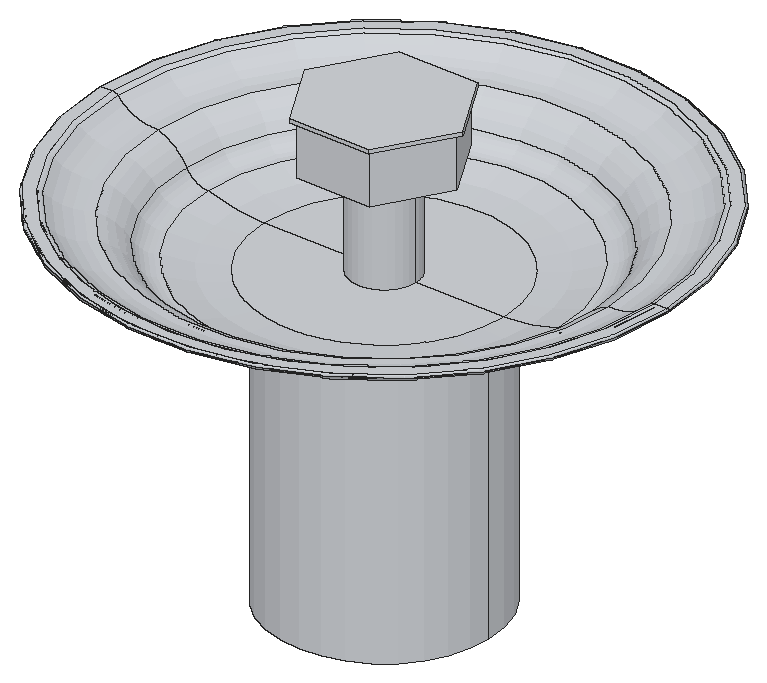
Revit family "Washfountain-Willoughby-5406-WWF", category Plumbing Fixtures, host Face, Revit 2014
Parameters (values of type "Standard")
  Waste DIA = 2"
  Waste Connection = yes
  Vent Connection = no
  URL = "www.willoughby-ind.com"
  Revision = "A"
  Model = "WWF-5406"
  Manufacturer = "Willoughby Industries"
  HW Connection = yes
  HCW DIA = 1/2"
  Fixture Body = Stainless Steel AISI 304-Willoughby
  Description = "Six Station Washfountain"
  Default Elevation = 0' - 0"
  Contact = "800-428-4065"
  CW Connection = yes
Reference planes (in)
  plane 1 "Center (Front/Back)": y = 0
  plane 2: z = 0
  plane 3 "Center (Left/Right)": x = 0
  plane 4: x = -27
  plane 5: x = 27
  plane 6 "Top Pf Sink": z = 34
  plane 7 "Bottom Of Sink": z = 27.5
  plane 8: x = 10
  plane 9: x = -10
  plane 10 "Bottom Of Faucet Head": z = 37.0625
  plane 11 "Faucet Head HGT": z = 41.875
  plane 12 "Top Of Cap": z = 42.25
Forms (in)
  Revolve 1, solid
    sketch origin (0, 0, -20) x (1, 0, 0) y (0, 0, 1)
      loop
        line (-27, 53.83658) -> (-27, 53.7862)
        arc (-27, 53.7862) -> (-26.95279, 53.67221) -> (-26.8388, 53.625) r 0.1612
        line (-26.8388, 53.625) -> (-25.625, 53.625)
        arc (-25.625, 53.625) -> (-23.73121, 52.27152) -> (-21.4375, 51.875) r 5.22415
        arc (-21.4375, 51.875) -> (-20.07609, 51.04401) -> (-19.0625, 49.8125) r 4.79567
        arc (-19.0625, 49.8125) -> (-18.07558, 48.76236) -> (-16.6875, 48.375) r 2.68071
        arc (-16.6875, 48.375) -> (-14.06704, 47.72021) -> (-11.375, 47.5) r 16.56473
        line (-11.375, 47.5) -> (0, 47.5) -> (0, 47.875) -> (-11.375, 47.875)
        arc (-11.375, 47.875) -> (-14.03757, 48.09545) -> (-16.62764, 48.75078) r 16.18973
        arc (-16.62764, 48.75078) -> (-17.85869, 49.06961) -> (-18.73348, 49.99258) r 2.30571
        arc (-18.73348, 49.99258) -> (-19.85977, 51.35263) -> (-21.37804, 52.25438) r 5.17067
        arc (-21.37804, 52.25438) -> (-23.50505, 52.5843) -> (-25.27973, 53.80231) r 4.84915
        arc (-25.27973, 53.80231) -> (-25.48482, 53.94841) -> (-25.73129, 54) r 0.61458
        line (-25.73129, 54) -> (-26.83658, 54)
        arc (-26.83658, 54) -> (-26.95213, 53.95213) -> (-27, 53.83658) r 0.16342
      axis (0, 54) -> (0, 47.5)
    angle from 0 to 360
  Revolve 2, solid
    sketch origin (0, 0, 0) x (1, 0, 0) y (0, 0, 1)
      loop
        line (0, 27.5) -> (-10, 27.5) -> (-10, 0) -> (0, 0) -> (0, 27.5)
      axis (0, 27.5) -> (0, 0)
    angle from 0 to 360
  Revolve 3, solid
    sketch origin (0, 0, 0) x (1, 0, 0) y (0, 0, 1)
      loop
        line (0, 34) -> (0, 37.0625) -> (-3, 37.0625) -> (-3, 27.5) -> (0, 27.5) -> (0, 34)
      axis (0, 37.0625) -> (0, 27.5)
    angle from 0 to 360
  Extrusion 4, solid
    sketch origin (0, 0, 42.25) x (1, 0, 0) y (0, 1, 0)
      loop
        line (-3.753, 6.5) -> (-7.506, -0.00039) -> (-3.753, -6.5) -> (3.753, -6.5) -> (7.506, -0.00039) -> (3.753, 6.5) -> (-3.753, 6.5)
    from 0 to -0.375
  Extrusion 5, solid
    sketch origin (0, 0, 37.0625) x (1, 0, 0) y (0, 1, 0)
      loop
        line (-3.46432, 6) -> (-6.92865, -0.00039) -> (-3.46477, -6) -> (3.46477, -6) -> (6.92865, -0.00039) -> (3.46432, 6) -> (-3.46432, 6)
    from 0 to 4.8125
  Extrusion 6, solid, detail levels medium+fine
    sketch origin (0, 0, 0) x (1, 0, 0) y (0, 1, 0)
      loop
        circle (4, -2) r 1
    from 3 to 6
  Extrusion 7, solid, detail levels medium+fine
    sketch origin (0, 0, 0) x (1, 0, 0) y (0, 1, 0)
      loop
        circle (-2, -2) r 0.25
    from 3 to 6
  Extrusion 8, solid, detail levels medium+fine
    sketch origin (0, 0, 0) x (1, 0, 0) y (0, 1, 0)
      loop
        circle (-2, -6) r 0.25
    from 3 to 6
Lines and regions (in)
  symbolic lines
    curve 1: line (6.92865, 0, 41.875) -> (-6.92865, 0, 41.875)
    curve 2: line (-6.92865, 0, 41.875) -> (-6.92865, 0, 37.0625)
    curve 3: line (-6.92865, 0, 37.0625) -> (6.92865, 0, 37.0625)
    curve 4: line (6.92865, 0, 37.0625) -> (6.92865, 0, 41.875)
    curve 5: line (6.92865, 0, 41.875) -> (7.506, 0, 41.875)
    curve 6: line (7.506, 0, 41.875) -> (7.506, 0, 42.25)
    curve 7: line (7.506, 0, 42.25) -> (-7.506, 0, 42.25)
    curve 8: line (-7.506, 0, 42.25) -> (-7.506, 0, 41.875)
    curve 9: line (-7.506, 0, 41.875) -> (-6.92865, 0, 41.875)
    curve 10: line (-3, 0, 37.0625) -> (-3, 0, 34)
    curve 11: line (3, 0, 37.0625) -> (3, 0, 34)
    curve 12: line (26.87149, 0, 34) -> (-26.83229, 0, 34)
    curve 13: line (-26.83229, 0, 33.61752) -> (26.87149, 0, 33.61752)
    curve 14: arc (26.87149, 0, 33.61752) -> (27.00384, 0, 33.80876) -> (26.87149, 0, 34) r 0.20434
    curve 15: arc (-26.83229, 0, 34) -> (-27.02353, 0, 33.80876) -> (-26.83229, 0, 33.61752) r 0.19124
    curve 16: arc (-25.59331, 0, 33.61752) -> (-23.7164, 0, 32.26691) -> (-21.4375, 0, 31.875) r 5.14341
    curve 17: arc (-21.4375, 0, 31.875) -> (-20.06597, 0, 31.05566) -> (-19.0625, 0, 29.8125) r 4.547
    curve 18: arc (-19.0625, 0, 29.8125) -> (-18.06774, 0, 28.7753) -> (-16.6875, 0, 28.375) r 2.77422
    curve 19: arc (-16.6875, 0, 28.375) -> (-13.38121, 0, 27.65121) -> (-10, 0, 27.5) r 19.83774
    curve 20: line (-10, 0, 27.5) -> (10, 0, 27.5)
    curve 21: arc (10, 0, 27.5) -> (13.38558, 0, 27.6178) -> (16.6875, 0, 28.375) r 17.7964
    curve 22: arc (16.6875, 0, 28.375) -> (18.08141, 0, 28.75272) -> (19.0625, 0, 29.8125) r 2.61603
    curve 23: arc (19.0625, 0, 29.8125) -> (20.07709, 0, 31.04286) -> (21.4375, 0, 31.875) r 4.82202
    curve 24: arc (21.4375, 0, 31.875) -> (23.7314, 0, 32.26527) -> (25.625, 0, 33.61752) r 5.19634
    curve 25: line (-10, 0, 27.5) -> (-10, 0, 0)
    curve 26: line (-10, 0, 0) -> (10, 0, 0)
    curve 27: line (10, 0, 0) -> (10, 0, 27.5)
    curve 28: line (0, 6, 41.875) -> (0, -6, 41.875)
    curve 29: line (0, -6, 41.875) -> (0, -6, 37.0625)
    curve 30: line (0, -6, 37.0625) -> (0, 6, 37.0625)
    curve 31: line (0, 6, 37.0625) -> (0, 6, 41.875)
    curve 32: line (0, 6, 41.875) -> (0, 6.5, 41.875)
    curve 33: line (0, 6.5, 41.875) -> (0, 6.5, 42.25)
    curve 34: line (0, 6.5, 42.25) -> (0, -6.5, 42.25)
    curve 35: line (0, -6.5, 42.25) -> (0, -6.5, 41.875)
    curve 36: line (0, -6.5, 41.875) -> (0, -6, 41.875)
    curve 37: line (0, 0, 41.875) -> (0, 0, 37.0625)
    curve 38: line (0, -3, 37.0625) -> (0, -3, 34)
    curve 39: line (0, 3, 37.0625) -> (0, 3, 34)
    curve 40: line (0, -26.83395, 34) -> (0, 26.91605, 34)
    curve 41: line (0, 26.91605, 33.62562) -> (0, -26.83395, 33.62562)
    curve 42: arc (0, -26.83395, 33.62562) -> (0, -27.02114, 33.81281) -> (0, -26.83395, 34) r 0.18719
    curve 43: arc (0, -25.58395, 33.62562) -> (0, -23.71865, 32.25782) -> (0, -21.4375, 31.875) r 5.00412
    curve 44: arc (0, -21.4375, 31.875) -> (0, -20.07204, 31.04868) -> (0, -19.0625, 29.8125) r 4.69264
    curve 45: arc (0, -19.0625, 29.8125) -> (0, -18.06335, 28.78256) -> (0, -16.6875, 28.375) r 2.83032
    curve 46: arc (0, -16.6875, 28.375) -> (0, -13.38434, 27.62729) -> (0, -10, 27.5) r 18.33134
    curve 47: line (0, -10, 27.5) -> (0, 10, 27.5)
    curve 48: arc (0, 10, 27.5) -> (0, 13.3855, 27.61838) -> (0, 16.6875, 28.375) r 17.82836
    curve 49: arc (0, 16.6875, 28.375) -> (0, 18.06981, 28.77189) -> (0, 19.0625, 29.8125) r 2.74878
    curve 50: arc (0, 19.0625, 29.8125) -> (0, 20.06312, 31.05895) -> (0, 21.4375, 31.875) r 4.48194
    curve 51: arc (0, 21.4375, 31.875) -> (0, 23.7357, 32.26457) -> (0, 25.62805, 33.62562) r 5.16077
    curve 52: line (0, 10, 27.5) -> (0, 10, 0)
    curve 53: line (0, 10, 0) -> (0, -10, 0)
    curve 54: line (0, -10, 0) -> (0, -10, 27.5)
    curve 55: circle (0, 0, 0) r 27 normal (0, 0, 1)
    curve 62: line (-3.753, -6.5, 0) -> (-7.506, -0.00039, 0)
  symbolic lines, detail levels fine
    curve 56: circle (0, 0, 0) r 21.4375 normal (0, 0, 1)
    curve 57: circle (0, 0, 0) r 16.6875 normal (0, 0, 1)
  symbolic lines, detail levels medium+fine
    curve 58: line (-3.753, 6.5, 0) -> (3.753, 6.5, 0)
    curve 59: line (3.753, 6.5, 0) -> (7.506, -0.00039, 0)
    curve 60: line (7.506, -0.00039, 0) -> (3.753, -6.5, 0)
    curve 61: line (3.753, -6.5, 0) -> (-3.753, -6.5, 0)
    curve 63: line (-7.506, -0.00039, 0) -> (-3.753, 6.5, 0)
Dimensions and locks (in)
  equal spacing: plane 4, plane 3 "Center (Left/Right)", plane 5
  equal spacing: plane 8, plane 3 "Center (Left/Right)", plane 9, locked at 10 each
  aligned and locked: plane 2 to host face
  aligned and locked: level to host face
  aligned and locked: Revolve 2 sketch curve to Revolve 2 sketch curve  (x2)
  aligned and locked: Revolve 3 sketch curve to Revolve 3 sketch curve  (x2)
  aligned and locked: Extrusion 4 to plane 11 "Faucet Head HGT"
  aligned and locked: plane 12 "Top Of Cap" to Extrusion 4
  aligned and locked: plane 11 "Faucet Head HGT" to Extrusion 5
Automatic sketch dimensions
  host sketch curve to host sketch curve = 8' - 0"  (x2)
  Revolve 2 sketch curve to plane 9 = 0' - 0"
  Revolve 2 sketch curve to plane 3 "Center (Left/Right)" = 0' - 0"
  Revolve 2 sketch curve to level = 0' - 0"  (x2)
  Revolve 2 sketch curve to plane 7 "Bottom Of Sink" = 0' - 0"
  Revolve 3 sketch curve to plane 7 "Bottom Of Sink" = 0' - 0"  (x2)
  Revolve 3 sketch curve to plane 3 "Center (Left/Right)" = 0' - 0"
  Revolve 3 sketch curve to plane 6 "Top Pf Sink" = 0' - 0"
  Revolve 3 sketch curve to Revolve 3 sketch curve = 0' - 3"
  plane 6 "Top Pf Sink" to Revolve 3 sketch curve = 0' - 3 1/16"
  plane 1 "Center (Front/Back)" to Extrusion 4 sketch curve = 0' - 0.00039"  (x2)
  plane 9 to Extrusion 4 sketch curve = 0' - 2.494"
  Extrusion 4 sketch curve to plane 3 "Center (Left/Right)" = 0' - 3.753"  (x2)
  plane 3 "Center (Left/Right)" to Extrusion 4 sketch curve = 0' - 3.753"  (x2)
  Extrusion 4 sketch curve to plane 8 = 0' - 2.494"
  plane 1 "Center (Front/Back)" to Extrusion 4 sketch curve = 0' - 6 1/2"
  Extrusion 4 sketch curve to plane 1 "Center (Front/Back)" = 0' - 6 1/2"
  plane 1 "Center (Front/Back)" to Extrusion 5 sketch curve = 0' - 0.00039"  (x2)
  plane 9 to Extrusion 5 sketch curve = 0' - 3.07135"
  Extrusion 5 sketch curve to plane 3 "Center (Left/Right)" = 0' - 3.46477"
  Extrusion 5 sketch curve to plane 3 "Center (Left/Right)" = 0' - 3.46432"
  plane 3 "Center (Left/Right)" to Extrusion 5 sketch curve = 0' - 3.46432"
  plane 3 "Center (Left/Right)" to Extrusion 5 sketch curve = 0' - 3.46477"
  Extrusion 5 sketch curve to plane 8 = 0' - 3.07135"
  plane 1 "Center (Front/Back)" to Extrusion 5 sketch curve = 0' - 6"
  Extrusion 5 sketch curve to plane 1 "Center (Front/Back)" = 0' - 6"
  curve 15 to plane 6 "Top Pf Sink" = 0' - 0"
  curve 19 to plane 7 "Bottom Of Sink" = 0' - 0"
  curve 19 to plane 9 = 0' - 0"
  curve 9 to plane 11 "Faucet Head HGT" = 0' - 0"
  curve 7 to plane 12 "Top Of Cap" = 0' - 0"
  curve 2 to plane 10 "Bottom Of Faucet Head" = 0' - 0"
  curve 26 to plane 8 = 0' - 0"
  curve 27 to level = 0' - 0"
  curve 19 to plane 9 = 0' - 0.80755"
  curve 18 to plane 9 = 0' - 6.63125"
  curve 16 to plane 10 "Bottom Of Faucet Head" = 0' - 0.05227"
  curve 16 to plane 4 = 0' - 5.27247"
  plane 7 "Bottom Of Sink" to curve 17 = 0' - 0.12253"
  curve 17 to plane 4 = 0' - 3.95262"
  curve 12 to plane 4 = 0' - 0.16771"
  plane 9 to curve 9 = 0' - 2.494"
  curve 8 to curve 1 = 0' - 0.57735"
  curve 4 to plane 8 = 0' - 3.07135"
  curve 1 to curve 7 = 0' - 0.57735"
  plane 8 to curve 21 = 0' - 1.07676"
  plane 8 to curve 22 = 0' - 6.72683"
  plane 10 "Bottom Of Faucet Head" to curve 24 = 0' - 0.00031"
  plane 5 to curve 24 = 0' - 5.26498"
  curve 23 to plane 7 "Bottom Of Sink" = 0' - 0.09793"
  plane 5 to curve 23 = 0' - 3.76117"
  plane 5 to curve 14 = 0' - 0.20051"
  plane 5 to curve 13 = 0' - 0.12851"
  plane 5 to curve 12 = 0' - 0.12851"
  curve 22 to plane 6 "Top Pf Sink" = 0' - 3.00927"
  curve 18 to plane 6 "Top Pf Sink" = 0' - 2.85136"
  curve 13 to curve 15 = 0' - 0.38248"
  plane 12 "Top Of Cap" to curve 21 = 0' - 3.01379"
  plane 12 "Top Of Cap" to curve 19 = 0' - 5.0713"
  plane 7 "Bottom Of Sink" to curve 18 = 0' - 0 7/8"
  curve 17 to curve 18 = 0' - 0"
  curve 17 to plane 6 "Top Pf Sink" = 0' - 2 1/8"
  curve 10 to plane 3 "Center (Left/Right)" = 0' - 3"
  plane 3 "Center (Left/Right)" to curve 11 = 0' - 3"
  plane 7 "Bottom Of Sink" to curve 22 = 0' - 0 7/8"
  plane 7 "Bottom Of Sink" to curve 22 = 0' - 2 5/16"
  curve 24 to plane 6 "Top Pf Sink" = 0' - 2 1/8"
  curve 42 to plane 6 "Top Pf Sink" = 0' - 0"
  curve 47 to plane 7 "Bottom Of Sink" = 0' - 0"
  curve 54 to level = 0' - 0"
  curve 35 to plane 12 "Top Of Cap" = 0' - 0"
  curve 36 to plane 11 "Faucet Head HGT" = 0' - 0"
  curve 30 to plane 10 "Bottom Of Faucet Head" = 0' - 0"
  curve 37 to plane 1 "Center (Front/Back)" = 0' - 0"
  plane 1 "Center (Front/Back)" to curve 36 = 0' - 6"
  curve 35 to curve 28 = 0' - 0 1/2"
  plane 1 "Center (Front/Back)" to curve 47 = 0' - 10"
  curve 46 to curve 34 = 0' - 4.50611"
  curve 45 to plane 6 "Top Pf Sink" = 0' - 2.7961"
  curve 45 to curve 46 = 0' - 6.59781"
  curve 43 to plane 10 "Bottom Of Faucet Head" = 0' - 0.19459"
  curve 43 to curve 45 = 0' - 5.17448"
  plane 7 "Bottom Of Sink" to curve 44 = 0' - 0.00558"
  curve 44 to curve 45 = 0' - 6.55113"
  curve 40 to curve 43 = 0' - 5.06167"
  curve 37 to curve 28 = 0' - 6"
  curve 28 to curve 32 = 0' - 0 1/2"
  curve 47 to plane 1 "Center (Front/Back)" = 0' - 10"
  curve 33 to curve 48 = 0' - 4.57254"
  curve 49 to plane 6 "Top Pf Sink" = 0' - 2.87653"
  curve 48 to curve 49 = 0' - 6.64648"
  curve 51 to plane 10 "Bottom Of Faucet Head" = 0' - 0.03598"
  curve 49 to curve 51 = 0' - 5.09989"
  plane 7 "Bottom Of Sink" to curve 50 = 0' - 0.17493"
  curve 49 to curve 50 = 0' - 6.35538"
  curve 41 to curve 40 = 0' - 0.37438"
  plane 12 "Top Of Cap" to curve 48 = 0' - 3.04607"
  plane 12 "Top Of Cap" to curve 46 = 0' - 3.55371"
  curve 29 to curve 38 = 0' - 3"
  plane 7 "Bottom Of Sink" to curve 46 = 0' - 0 7/8"
  curve 44 to curve 45 = 0' - 0"
  curve 44 to plane 6 "Top Pf Sink" = 0' - 2 1/8"
  curve 39 to plane 1 "Center (Front/Back)" = 0' - 3"
  plane 7 "Bottom Of Sink" to curve 49 = 0' - 0 7/8"
  curve 50 to curve 49 = 0' - 0"
  curve 50 to plane 6 "Top Pf Sink" = 0' - 2 1/8"
  curve 51 to curve 41 = 0' - 1.288"
  curve 40 to curve 41 = 0' - 0"
  Revolve 1 sketch curve to Revolve 1 sketch curve = 0' - 0"  (x9)
  plane 4 to Revolve 1 sketch curve = 0' - 0"
  Revolve 1 sketch curve to plane 6 "Top Pf Sink" = 0' - 0"  (x2)
  Revolve 1 sketch curve to plane 3 "Center (Left/Right)" = 0' - 0"  (x2)
  Revolve 1 sketch curve to plane 7 "Bottom Of Sink" = 0' - 0"  (x2)
  Revolve 1 sketch curve to Revolve 1 sketch curve = 0' - 0.1612"
  Revolve 1 sketch curve to Revolve 1 sketch curve = 0' - 0.00223"
  Revolve 1 sketch curve to Revolve 1 sketch curve = 0' - 1.10529"
  Revolve 1 sketch curve to Revolve 1 sketch curve = 0' - 0.10629"
  Revolve 1 sketch curve to plane 7 "Bottom Of Sink" = 0' - 0.07688"
  Revolve 1 sketch curve to plane 4 = 0' - 3.77945"
  plane 10 "Bottom Of Faucet Head" to Revolve 1 sketch curve = 0' - 0.02918"
  Revolve 1 sketch curve to Revolve 1 sketch curve = 0' - 4.01447"
  Revolve 1 sketch curve to plane 9 = 0' - 6 11/16"
  Revolve 1 sketch curve to plane 9 = 0' - 1 3/8"
  Revolve 1 sketch curve to Revolve 1 sketch curve = 0' - 0 3/8"
  Revolve 1 sketch curve to plane 6 "Top Pf Sink" = 0' - 2.94429"
  Revolve 1 sketch curve to Revolve 1 sketch curve = 0' - 0.61458"
  Revolve 1 sketch curve to Revolve 1 sketch curve = 0' - 0.23958"
  plane 12 "Top Of Cap" to Revolve 1 sketch curve = 0' - 1.81473"
  Revolve 1 sketch curve to Revolve 1 sketch curve = 0' - 3.84223"
  Revolve 1 sketch curve to Revolve 1 sketch curve = 0' - 0.05946"
  Revolve 1 sketch curve to Revolve 1 sketch curve = 0' - 0.32902"
  plane 1 "Center (Front/Back)" to Extrusion 6 sketch curve = 0' - 2"
  plane 3 "Center (Left/Right)" to Extrusion 6 sketch curve = 0' - 4"
  Extrusion 7 sketch curve to plane 3 "Center (Left/Right)" = 0' - 2"
  plane 1 "Center (Front/Back)" to Extrusion 7 sketch curve = 0' - 2"
  Extrusion 8 sketch curve to plane 3 "Center (Left/Right)" = 0' - 2"
  plane 1 "Center (Front/Back)" to Extrusion 8 sketch curve = 0' - 6"
  curve 55 to curve 57 = 0' - 0"  (x2)
  curve 56 to curve 57 = 0' - 0"  (x2)
  plane 1 "Center (Front/Back)" to curve 55 = 0' - 0"
  curve 55 to plane 3 "Center (Left/Right)" = 0' - 0"
  curve 61 to plane 3 "Center (Left/Right)" = 0' - 3.753"
  plane 3 "Center (Left/Right)" to curve 60 = 0' - 3.753"
  plane 3 "Center (Left/Right)" to curve 58 = 0' - 3.753"
  plane 1 "Center (Front/Back)" to curve 60 = 0' - 0.00039"
  curve 60 to plane 8 = 0' - 2.494"
  plane 1 "Center (Front/Back)" to curve 61 = 0' - 6 1/2"
  curve 58 to plane 1 "Center (Front/Back)" = 0' - 6 1/2"
  curve 63 to plane 3 "Center (Left/Right)" = 0' - 3.753"
  plane 1 "Center (Front/Back)" to curve 63 = 0' - 0.00039"
  plane 9 to curve 63 = 0' - 2.494"
  radius of Extrusion 6 sketch curve = 0' - 1"
  radius of Extrusion 7 sketch curve = 0' - 0 1/4"
  radius of Extrusion 8 sketch curve = 0' - 0 1/4"
  radius of curve 55 = 2' - 3"
  radius of curve 56 = 1' - 9 7/16"
  radius of curve 57 = 1' - 4 11/16"
Connectors (in)
  piping at (-2, -6, 3), diameter 0.5, driven by "HCW DIA", driven by "HW Connection"
    settings: on Extrusion 8, index 1, connector inside diameter 24", connector length 0' - 0", flow factor 0, pipe flow 0.5 GPM, pressure drop 0.00 psi, fitting loss kfactor 0, connector angle 0.00°, fixture units 0, engagement length 0' - 0", angle of deflection 0.00°, flow configuration 0, flow direction 1, fitting loss method 0, system type 19, joint type 0, gender type 0, connector reference index -1, connector utility 1, adjustable connector no, is connector primary yes, connector description "HW Inlet"
  piping at (-2, -2, 3), diameter 0.5, driven by "HCW DIA", driven by "CW Connection"
    settings: on Extrusion 7, index 2, connector inside diameter 24", connector length 0' - 0", flow factor 0, pipe flow 0.5 GPM, pressure drop 0.00 psi, fitting loss kfactor 0, connector angle 0.00°, fixture units 0, engagement length 0' - 0", angle of deflection 0.00°, flow configuration 0, flow direction 1, fitting loss method 0, system type 20, joint type 0, gender type 0, connector reference index -1, connector utility 1, adjustable connector no, is connector primary no, connector description "CW Inlet"
  piping at (4, -2, 3), diameter 2, driven by "Waste DIA", driven by "Waste Connection"
    settings: on Extrusion 6, index 3, connector inside diameter 24", connector length 0' - 0", flow factor 0, pipe flow 0 GPM, pressure drop 0.00 psi, fitting loss kfactor 0, connector angle 0.00°, fixture units 0, engagement length 0' - 0", angle of deflection 0.00°, flow configuration 0, flow direction 2, fitting loss method 0, system type 16, joint type 0, gender type 0, connector reference index -1, connector utility 1, adjustable connector no, is connector primary no, connector description "Sink Waste"
